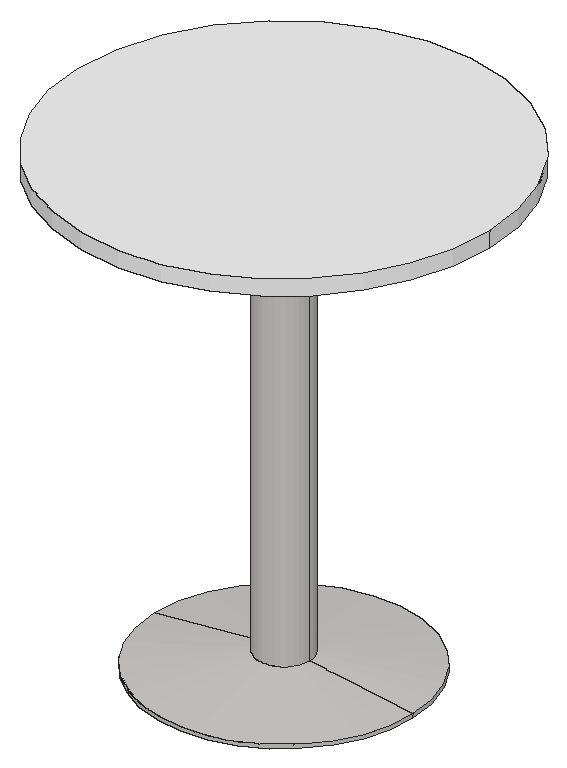
Revit family "Table Bar Round", category Furniture, Revit 2015
Parameters (values of type "40x90cm")
  Material Plate [instance] = White Glossy
  Radius Base = 250 mm
  Radius Plate = 400 mm
  Material Base [instance] = Stainless Steel
  Height = 900 mm
  Assembly Code = ""
Types (7, lengths in mm): name | Radius Base | Radius Plate | Height
  50x72cm | 300 | 500 | 720
  40x90cm | 250 | 400 | 900
  45x90cm | 300 | 450 | 900
  60x72cm | 400 | 600 | 720
  70x72cm | 400 | 700 | 720
  80x72cm | 400 | 800 | 720
  90x72cm | 400 | 900 | 720
Reference planes
  plane 1 "Center (Front/Back)": y = 0
  plane 2: z = 0
  plane 3 "Center (Left/Right)": x = 0
  plane 4 "Table Height": z = 900
Forms (mm)
  Revolve 1, solid, material "Stainless Steel" <- "Material Base"
    sketch origin (0, 0, 0) x (1, 0, 0) y (0, 0, 1)
      loop
        line (0, 0) -> (0, 870) -> (-250, 870) -> (-250, 845) -> (-50, 845) -> (-50, 30) -> (-250, 7.034) -> (-250, 0) -> (0, 0)
      axis (0, 870) -> (0, 0)
    angle from 0 to 360
  Extrusion 2, solid, material "White Glossy" <- "Material Plate"
    sketch origin (0, 0, 900) x (-1, 0, 0) y (0, -1, 0)
      loop
        circle (0, 0) r 400
    from 0 to -30
Dimensions and locks
  "Height": plane 4 "Table Height" to level
  "Radius Base": Revolve 1 sketch curve to Revolve 1 sketch curve
  "Radius Base": plane 3 "Center (Left/Right)" to Revolve 1 sketch curve
  locked: Revolve 1 sketch curve to Revolve 1 sketch curve at 25
  "Radius Plate": radius of Extrusion 2 sketch curve
Automatic sketch dimensions
  Revolve 1 sketch curve to level = 0 mm
  Revolve 1 sketch curve to plane 3 "Center (Left/Right)" = 0 mm  (x2)
  Revolve 1 sketch curve to plane 3 "Center (Left/Right)" = 50 mm
  level to Revolve 1 sketch curve = 7.034 mm
  level to Revolve 1 sketch curve = 30 mm
  Revolve 1 sketch curve to plane 4 "Table Height" = 55 mm
  Revolve 1 sketch curve to Revolve 1 sketch curve = 180 mm
  plane 4 "Table Height" to Revolve 1 sketch curve = 140 mm
  plane 1 "Center (Front/Back)" to Extrusion 2 sketch curve = 0 mm
  Extrusion 2 sketch curve to plane 3 "Center (Left/Right)" = 0 mm
